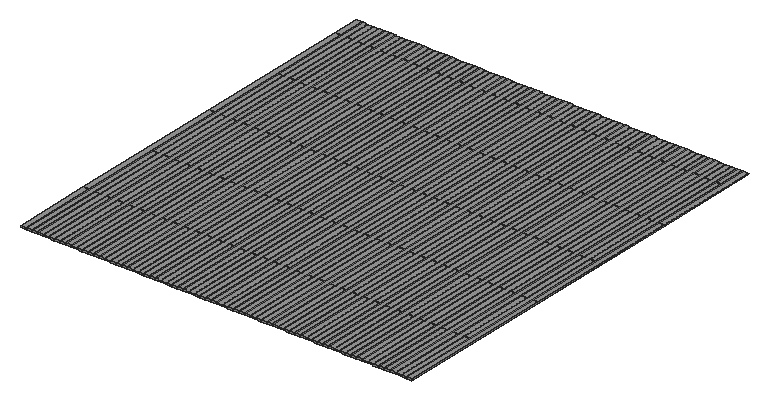
Revit family "3718-2, Veneer", category Generic Models, host Ceiling, Revit 2020
Family settings
  Host = Ceiling
  Can host rebar = No
  Round Connector Dimension = Use Diameter
  Part Type = Normal
  Always vertical = Yes
  Cut with Voids When Loaded = No
  Shared = No
  Room Calculation Point = No
Parameters
  OC SPACING [instance] = .. MEMBER WIDTH - 0' 0 55/128" - 0' 0 3/256"  # 0' - 2 143/256"
  PROJECT WIDTH [instance] = 15' - 0"
  PROJECT LENGTH [instance] = 16' - 0"
  PANELS COUNT 2 [instance] = rounddown((PROJECT LENGTH - .. MEMBER LENGTH 3) / .. MEMBER LENGTH 2)  # 2
  PANELS COUNT [instance] = rounddown(PROJECT LENGTH / .. MEMBER LENGTH 2)  # 2
  MEMBER WIDTH COUNT 2 [instance] = (PROJECT WIDTH / OC SPACING) / 2  # 35
  .. MEMBER WIDTH COUNT [instance] = (PROJECT WIDTH / OC SPACING) / 2  # 35
  .. MEMBER MATERIAL [instance] = Veneer Cherry
  .. MEMBER LENGTH 4 [instance] = ((PROJECT LENGTH - .. MEMBER LENGTH 3) - (PANELS COUNT 2 * .. MEMBER LENGTH 2))  # 1' - 0"
  .. MEMBER LENGTH 3 [instance] = .. MEMBER LENGTH 2 / 2  # 3' - 0"
  Default Elevation = 0' - 0"
  .. MEMBER WIDTH [instance] = 0' - 3"  # constant formula
  .. MEMBER LENGTH 2 [instance] = 6' - 0"
  .. MEMBER LENGTH [instance] = PROJECT LENGTH - (PANELS COUNT * .. MEMBER LENGTH 2)  # 4' - 0"
  .. MEMBER DEPTH [instance] = 0' - 0 3/4"  # constant formula
Reference planes (in)
  plane 1 "Center (Front/Back)": y = 0
  plane 2 "Ceiling": z = 96
  plane 3 "Center (Left/Right)": x = 0
  plane 4: y = 72
  plane 5: y = 144
  plane 6: y = 108
  plane 7: y = 36
  plane 8: y = 192
  plane 9: y = 144
  plane 10: y = 180
  plane 11: x = 180
  plane 12: x = 2.55859
Dimensions and locks (in)
  equal spacing: host sketch curve, plane 3 "Center (Left/Right)", host sketch curve
  equal spacing: host sketch curve, plane 1 "Center (Front/Back)", host sketch curve
  host sketch curve to host sketch curve = 10' - 0"  (x2)
  group 1 to group 2 = 0' - 0"  (x2)
  group 1 to group 2 = 6' - 0"
  ".. MEMBER LENGTH 2": plane 5 to plane 4
  ".. MEMBER LENGTH 2": plane 6 to plane 7
  "PROJECT LENGTH": plane 1 "Center (Front/Back)" to plane 8
  group 3 to group 4 = 0' - 0"  (x2)
  group 3 to group 4 = 6' - 0"
  ".. MEMBER LENGTH 3": plane 1 "Center (Front/Back)" to plane 7
  ".. MEMBER LENGTH 2": plane 1 "Center (Front/Back)" to plane 4
  ".. MEMBER LENGTH": plane 8 to plane 9
  ".. MEMBER LENGTH 4": plane 8 to plane 10
  "PROJECT WIDTH": plane 3 "Center (Left/Right)" to plane 11
  "OC SPACING": plane 3 "Center (Left/Right)" to plane 12
  aligned and locked: plane 1 "Center (Front/Back)" to nested 1
  aligned and locked: nested 2 to plane 4
  aligned and locked: nested 4 to plane 4
  aligned and locked: plane 7 to nested 3
  aligned and locked: nested 3 to plane 6
  aligned and locked: nested 6 to plane 6
  aligned and locked: nested 5 to plane 9
  aligned and locked: nested 7 to plane 10
  aligned and locked: plane 12 to nested 2
  aligned and locked: plane 12 to nested 4
  aligned and locked: plane 12 to nested 5
Nested families (in)
  nested 1: "3718-2 Staggereed" at (0, 0, 85.44644), .. MEMBER DEPTH <- ".. MEMBER DEPTH", .. MEMBER WIDTH <- ".. MEMBER WIDTH", MEMBER LENGTH <- ".. MEMBER LENGTH 3", REVEAL <- "OC SPACING", MEMBER 1 COUNT <- ".. MEMBER WIDTH COUNT", .. MEMBER MATERIAL <- ".. MEMBER MATERIAL", type "3718-2 Staggereed"
    with REVEAL X2 0' - 5 15/128", REVEAL 0' - 2 143/256", MEMBER LENGTH 2 1' - 6", MEMBER LENGTH 3' - 0", MEMBER COUNT 2 5, MEMBER 1 COUNT 35, INDENT 0' - 0 5/8", .. MEMBER WIDTH 0' - 3", .. MEMBER MATERIAL Veneer Cherry, .. MEMBER DEPTH 0' - 0 3/4"
  nested 2: "3718-2 Staggereed" at (2.55859, 0, 85.44644), .. MEMBER DEPTH <- ".. MEMBER DEPTH", .. MEMBER WIDTH <- ".. MEMBER WIDTH", MEMBER LENGTH <- ".. MEMBER LENGTH 2", MEMBER 1 COUNT <- "MEMBER WIDTH COUNT 2", REVEAL <- "OC SPACING", .. MEMBER MATERIAL <- ".. MEMBER MATERIAL", type "3718-2 Staggereed"
    with REVEAL X2 0' - 5 15/128", REVEAL 0' - 2 143/256", MEMBER LENGTH 2 3' - 0", MEMBER LENGTH 6' - 0", MEMBER COUNT 2 5, MEMBER 1 COUNT 35, INDENT 0' - 0 5/8", .. MEMBER WIDTH 0' - 3", .. MEMBER MATERIAL Veneer Cherry, .. MEMBER DEPTH 0' - 0 3/4"
  nested 3: "3718-2 Staggereed" at (0, 36, 85.44644), .. MEMBER DEPTH <- ".. MEMBER DEPTH", .. MEMBER WIDTH <- ".. MEMBER WIDTH", MEMBER LENGTH <- ".. MEMBER LENGTH 2", MEMBER 1 COUNT <- ".. MEMBER WIDTH COUNT", REVEAL <- "OC SPACING", .. MEMBER MATERIAL <- ".. MEMBER MATERIAL", type "3718-2 Staggereed"
    with REVEAL X2 0' - 5 15/128", REVEAL 0' - 2 143/256", MEMBER LENGTH 2 3' - 0", MEMBER LENGTH 6' - 0", MEMBER COUNT 2 5, MEMBER 1 COUNT 35, INDENT 0' - 0 5/8", .. MEMBER WIDTH 0' - 3", .. MEMBER MATERIAL Veneer Cherry, .. MEMBER DEPTH 0' - 0 3/4"
  nested 4: "3718-2 Staggereed" at (2.55859, 72, 85.44644), .. MEMBER DEPTH <- ".. MEMBER DEPTH", .. MEMBER WIDTH <- ".. MEMBER WIDTH", MEMBER LENGTH <- ".. MEMBER LENGTH 2", MEMBER 1 COUNT <- "MEMBER WIDTH COUNT 2", REVEAL <- "OC SPACING", .. MEMBER MATERIAL <- ".. MEMBER MATERIAL", type "3718-2 Staggereed"
    with REVEAL X2 0' - 5 15/128", REVEAL 0' - 2 143/256", MEMBER LENGTH 2 3' - 0", MEMBER LENGTH 6' - 0", MEMBER COUNT 2 5, MEMBER 1 COUNT 35, INDENT 0' - 0 5/8", .. MEMBER WIDTH 0' - 3", .. MEMBER MATERIAL Veneer Cherry, .. MEMBER DEPTH 0' - 0 3/4"
  nested 5: "3718-2 Staggereed" at (2.55859, 144, 85.44644), .. MEMBER DEPTH <- ".. MEMBER DEPTH", .. MEMBER WIDTH <- ".. MEMBER WIDTH", MEMBER LENGTH <- ".. MEMBER LENGTH", REVEAL <- "OC SPACING", MEMBER 1 COUNT <- "MEMBER WIDTH COUNT 2", .. MEMBER MATERIAL <- ".. MEMBER MATERIAL", type "3718-2 Staggereed"
    with REVEAL X2 0' - 5 15/128", REVEAL 0' - 2 143/256", MEMBER LENGTH 2 2' - 0", MEMBER LENGTH 4' - 0", MEMBER COUNT 2 5, MEMBER 1 COUNT 35, INDENT 0' - 0 5/8", .. MEMBER WIDTH 0' - 3", .. MEMBER MATERIAL Veneer Cherry, .. MEMBER DEPTH 0' - 0 3/4"
  nested 6: "3718-2 Staggereed" at (0, 108, 85.44644), .. MEMBER DEPTH <- ".. MEMBER DEPTH", .. MEMBER WIDTH <- ".. MEMBER WIDTH", MEMBER LENGTH <- ".. MEMBER LENGTH 2", MEMBER 1 COUNT <- ".. MEMBER WIDTH COUNT", REVEAL <- "OC SPACING", .. MEMBER MATERIAL <- ".. MEMBER MATERIAL", type "3718-2 Staggereed"
    with REVEAL X2 0' - 5 15/128", REVEAL 0' - 2 143/256", MEMBER LENGTH 2 3' - 0", MEMBER LENGTH 6' - 0", MEMBER COUNT 2 5, MEMBER 1 COUNT 35, INDENT 0' - 0 5/8", .. MEMBER WIDTH 0' - 3", .. MEMBER MATERIAL Veneer Cherry, .. MEMBER DEPTH 0' - 0 3/4"
  nested 7: "3718-2 Staggereed" at (0, 180, 85.44644), .. MEMBER DEPTH <- ".. MEMBER DEPTH", .. MEMBER WIDTH <- ".. MEMBER WIDTH", MEMBER LENGTH <- ".. MEMBER LENGTH 4", REVEAL <- "OC SPACING", MEMBER 1 COUNT <- ".. MEMBER WIDTH COUNT", .. MEMBER MATERIAL <- ".. MEMBER MATERIAL", type "3718-2 Staggereed"
    with REVEAL X2 0' - 5 15/128", REVEAL 0' - 2 143/256", MEMBER LENGTH 2 0' - 6", MEMBER LENGTH 1' - 0", MEMBER COUNT 2 5, MEMBER 1 COUNT 35, INDENT 0' - 0 5/8", .. MEMBER WIDTH 0' - 3", .. MEMBER MATERIAL Veneer Cherry, .. MEMBER DEPTH 0' - 0 3/4"
Definition of nested family "3718-2 Staggereed"
  Parameters (values of type "3718-2 Staggereed")
    REVEAL X2 [instance] = REVEAL * 2  # 1' - 3 127/128"
    REVEAL [instance] = 0' - 7 255/256"
    MEMBER LENGTH 2 [instance] = MEMBER LENGTH / 2  # 3' - 0"
    MEMBER LENGTH [instance] = 6' - 0"
    MEMBER COUNT 2 [instance] = 5
    MEMBER 1 COUNT [instance] = 5
    INDENT [instance] = 0' - 0 5/8"
    Default Elevation = 0' - 0"
    .. MEMBER WIDTH [instance] = 0' - 7 63/256"
    .. MEMBER MATERIAL [instance] = none
    .. MEMBER DEPTH [instance] = 0' - 0 3/4"
  Reference planes (in)
    plane 1 "Center (Front/Back)": y = 0
    plane 2: z = 0
    plane 3 "Center (Left/Right)": x = 0
    plane 4: x = 15.99219
    plane 5: x = 7.99609
    plane 6: x = 23.98828
  Dimensions and locks (in)
    "REVEAL X2": plane 3 "Center (Left/Right)" to plane 4
    "REVEAL": plane 3 "Center (Left/Right)" to plane 5
    "REVEAL X2": plane 5 to plane 6
    equal spacing: group 1, group 2, group 3, group 4, group 5  (x3)
    nested 1 to plane 5 = 0' - 0 3/4"
    aligned and locked: plane 2 to level
    aligned and locked: plane 1 "Center (Front/Back)" to nested 1
    aligned and locked: plane 3 "Center (Left/Right)" to nested 1
    aligned and locked: plane 4 to nested 2
  Nested families (in)
    nested 1: "3718-2 Isolated Member" at (-0.25432, 0, 0), MEMBER LENGTH <- "MEMBER LENGTH", MEMBER MATERIAL <- ".. MEMBER MATERIAL", MEMBER WIDTH <- ".. MEMBER WIDTH", MEMBER DEPTH <- ".. MEMBER DEPTH", INDENT <- "INDENT", type "3718-2 Isolated Member"
      with MEMBER WIDTH 0' - 7 63/256", MEMBER MATERIAL none, MEMBER LENGTH 6' - 0", MEMBER DEPTH 0' - 0 3/4", INDENT 0' - 0 5/8", EXTRUSION -6' - 0"
    nested 2: "3718-2 Isolated Member" at (15.73787, 0, 0), MEMBER LENGTH <- "MEMBER LENGTH", MEMBER MATERIAL <- ".. MEMBER MATERIAL", MEMBER WIDTH <- ".. MEMBER WIDTH", MEMBER DEPTH <- ".. MEMBER DEPTH", INDENT <- "INDENT", type "3718-2 Isolated Member"
      with MEMBER WIDTH 0' - 7 63/256", MEMBER MATERIAL none, MEMBER LENGTH 6' - 0", MEMBER DEPTH 0' - 0 3/4", INDENT 0' - 0 5/8", EXTRUSION -6' - 0"
    nested 3: "3718-2 Isolated Member" at (31.73006, 0, 0), MEMBER LENGTH <- "MEMBER LENGTH", MEMBER MATERIAL <- ".. MEMBER MATERIAL", MEMBER WIDTH <- ".. MEMBER WIDTH", MEMBER DEPTH <- ".. MEMBER DEPTH", INDENT <- "INDENT", type "3718-2 Isolated Member"
      with MEMBER WIDTH 0' - 7 63/256", MEMBER MATERIAL none, MEMBER LENGTH 6' - 0", MEMBER DEPTH 0' - 0 3/4", INDENT 0' - 0 5/8", EXTRUSION -6' - 0"
    nested 4: "3718-2 Isolated Member" at (47.72224, 0, 0), MEMBER LENGTH <- "MEMBER LENGTH", MEMBER MATERIAL <- ".. MEMBER MATERIAL", MEMBER WIDTH <- ".. MEMBER WIDTH", MEMBER DEPTH <- ".. MEMBER DEPTH", INDENT <- "INDENT", type "3718-2 Isolated Member"
      with MEMBER WIDTH 0' - 7 63/256", MEMBER MATERIAL none, MEMBER LENGTH 6' - 0", MEMBER DEPTH 0' - 0 3/4", INDENT 0' - 0 5/8", EXTRUSION -6' - 0"
    nested 5: "3718-2 Isolated Member" at (63.71443, 0, 0), MEMBER LENGTH <- "MEMBER LENGTH", MEMBER MATERIAL <- ".. MEMBER MATERIAL", MEMBER WIDTH <- ".. MEMBER WIDTH", MEMBER DEPTH <- ".. MEMBER DEPTH", INDENT <- "INDENT", type "3718-2 Isolated Member"
      with MEMBER WIDTH 0' - 7 63/256", MEMBER MATERIAL none, MEMBER LENGTH 6' - 0", MEMBER DEPTH 0' - 0 3/4", INDENT 0' - 0 5/8", EXTRUSION -6' - 0"
  Definition of nested family "3718-2 Isolated Member"
    Parameters (values of type "3718-2 Isolated Member")
      MEMBER WIDTH [instance] = 0' - 7 63/256"
      MEMBER MATERIAL [instance] = none
      MEMBER LENGTH [instance] = 2' - 6"
      MEMBER DEPTH [instance] = 0' - 0 3/4"
      Index 4 = 0' - 0 31/128"
      Index 3 = 0' - 0 13/64"
      Index 2 = 0' - 0.218"
      Index 1 = 0' - 0 1/4"
      INDENT [instance] = 0' - 0 5/8"
      EXTRUSION [instance] = -1 * MEMBER LENGTH  # -2' - 6"
      Default Elevation = 0' - 0"
    Reference planes (in)
      plane 1 "Center (Front/Back)": y = 0
      plane 2: z = 10.55356
      plane 3 "Center (Left/Right)": x = 0
      plane 4: y = 30
      plane 5: z = 10.55356
      plane 6: x = 0.25432
      plane 7: x = 7.50041
      plane 8: z = 9.80356
      plane 9: x = 7.25822
      plane 10: x = 0.50432
      plane 11: x = 0.72232
      plane 12: x = 7.0551
    Forms (in)
      Extrusion 1, void, not visible
        sketch origin (-0.375, 0, 0) x (1, 0, 0) y (0, 0, 1)
          loop
            line (4.125, 11.30356) -> (4.125, 11.17856) -> (4.0625, 11.11606) -> (3.75, 11.11606) -> (3.75, 10.92856) -> (4.25, 10.92856) -> (4.65478, 10.92856) -> (4.65478, 11.30356) -> (4.25, 11.30356) -> (4.125, 11.30356)
        from 0 to 30
      Extrusion 2, void, not visible
        sketch origin (4.5, 0, 0) x (-1, 0, 0) y (0, 0, 1)
          loop
            line (4.5, 11.30356) -> (4.25, 11.30356) -> (4.25, 11.17856) -> (4.1875, 11.11606) -> (3.875, 11.11606) -> (3.875, 10.92856) -> (4.78125, 10.92856) -> (4.78125, 11.30356) -> (4.5, 11.30356)
        from 0 to 30
      Extrusion 3, void, not visible
        sketch origin (0, 0, 0) x (1, 0, 0) y (0, 0, 1)
          loop
            line (2.53125, 10.55356) -> (2, 10.55356) -> (2, 10.42856) -> (1.9375, 10.36606) -> (1.625, 10.36606) -> (1.625, 10.17856) -> (2.53125, 10.17856) -> (2.53125, 10.55356)
        from 0 to 12
      Extrusion 4, solid, material <- "MEMBER MATERIAL"
        sketch origin (-5.34896, 0, 0) x (1, 0, 0) y (0, 0, 1)
          loop
            line (6.07128, 10.55356) -> (6.07128, 10.32556) -> (5.62351, 10.32556)
            arc (5.62351, 10.32556) -> (5.60842, 10.28741) -> (5.60328, 10.24671) r 0.16375
            line (5.60328, 10.24671) -> (5.60328, 10.21053)
            arc (5.60328, 10.21053) -> (5.60842, 10.16983) -> (5.62351, 10.13168) r 0.16375
            line (5.62351, 10.13168) -> (5.85328, 10.13168) -> (5.85328, 9.80356) -> (12.60719, 9.80356) -> (12.60719, 10.13168) -> (12.40406, 10.13168) -> (12.40406, 10.36606) -> (12.84937, 10.36606) -> (12.84937, 10.55356) -> (6.07128, 10.55356)
        from 0 to -30
      Extrusion 5, void, not visible
        sketch origin (0, 0, 0) x (1, 0, 0) y (0, 0, 1)
          loop
            line (8.60291, 10.17856) -> (8.60291, 9.99106) -> (8.54041, 9.92856) -> (9.17917, 9.92856) -> (9.17917, 10.55356) -> (8.56291, 10.55356) -> (8.56291, 10.38856) -> (8.80041, 10.38856)
            arc (8.80041, 10.38856) -> (8.8446, 10.37025) -> (8.86291, 10.32606) r 0.0625
            line (8.86291, 10.32606) -> (8.86291, 10.24106)
            arc (8.86291, 10.24106) -> (8.8446, 10.19686) -> (8.80041, 10.17856) r 0.0625
            line (8.80041, 10.17856) -> (8.60291, 10.17856)
        from 0 to -30
      Extrusion 6, void, not visible
        sketch origin (-0.54718, 0, 0) x (1, 0, 0) y (0, 0, 1)
          loop
            line (8.60291, 10.17856) -> (8.60291, 9.99106) -> (8.60291, 9.52296) -> (9.17917, 9.52296) -> (9.17917, 9.92856) -> (9.17917, 10.55356) -> (8.56291, 10.55356) -> (8.56291, 10.38856) -> (8.80041, 10.38856)
            arc (8.80041, 10.38856) -> (8.8446, 10.37025) -> (8.86291, 10.32606) r 0.0625
            line (8.86291, 10.32606) -> (8.86291, 10.24106)
            arc (8.86291, 10.24106) -> (8.8446, 10.19686) -> (8.80041, 10.17856) r 0.0625
            line (8.80041, 10.17856) -> (8.60291, 10.17856)
        from 0 to -30 <- "EXTRUSION"
      Extrusion 7, void, not visible
        sketch origin (-5.34896, -6, 0) x (1, 0, 0) y (0, 0, 1)
          loop
            line (5.92291, 10.42856) -> (5.60328, 10.42856) -> (5.60328, 10.55356) -> (5.34896, 10.55356) -> (5.34896, 9.92856) -> (5.34896, 9.52296) -> (5.60291, 9.52296) -> (5.60291, 9.99136) -> (5.60291, 10.17856) -> (5.92291, 10.17856) -> (5.92291, 10.42856)
        from 0 to -30 <- "EXTRUSION"
    Lines and regions (in)
      model lines, not visible
        curve 1: line (9.45582, 0, 10.55356) -> (14.70582, 0, 10.55356)
        curve 2: line (14.70582, 0, 10.55356) -> (14.70582, 0, 10.92856)
        curve 3: line (14.70582, 0, 10.92856) -> (14.20582, 0, 10.92856)
        curve 4: line (14.20582, 0, 10.92856) -> (14.20582, 0, 11.11606)
        curve 5: line (14.20582, 0, 11.11606) -> (14.51832, 0, 11.11606)
        curve 6: line (14.58082, 0, 11.30356) -> (14.58082, 0, 11.17856)
        curve 7: line (14.58082, 0, 11.17856) -> (14.51832, 0, 11.11606)
        curve 8: line (14.58082, 0, 11.30356) -> (9.58082, 0, 11.30356)
        curve 9: line (9.45582, 0, 10.55356) -> (9.45582, 0, 10.92856)
        curve 10: line (9.45582, 0, 10.92856) -> (9.95582, 0, 10.92856)
        curve 11: line (9.95582, 0, 10.92856) -> (9.95582, 0, 11.11606)
        curve 12: line (9.95582, 0, 11.11606) -> (9.64332, 0, 11.11606)
        curve 13: line (9.58082, 0, 11.30356) -> (9.58082, 0, 11.17856)
        curve 14: line (9.58082, 0, 11.17856) -> (9.64332, 0, 11.11606)
        curve 15: line (5.25, 0, 10.55356) -> (5.25, 0, 10.92856)
        curve 16: line (5.25, 0, 10.92856) -> (4.75, 0, 10.92856)
        curve 17: line (4.75, 0, 10.92856) -> (4.75, 0, 11.11606)
        curve 18: line (4.75, 0, 11.11606) -> (5.0625, 0, 11.11606)
        curve 19: line (5.125, 0, 11.30356) -> (5.125, 0, 11.17856)
        curve 20: line (5.125, 0, 11.17856) -> (5.0625, 0, 11.11606)
    Dimensions and locks (in)
      "MEMBER LENGTH": plane 1 "Center (Front/Back)" to plane 4
      "MEMBER WIDTH": plane 7 to plane 6
      level to plane 8 = 0' - 0 3/4"
      "Index 2": plane 11 to plane 10
      "Index 1": plane 10 to plane 6
      "Index 4": plane 7 to plane 9
      "Index 3": plane 12 to plane 9
      aligned and locked: level to plane 2
      aligned and locked: plane 4 to Extrusion 4
      aligned and locked: plane 7 to Extrusion 4  (x2)
      aligned and locked: plane 8 to Extrusion 4
      aligned and locked: Extrusion 4 to plane 8
      aligned and locked: Extrusion 4 to plane 5
      aligned and locked: Extrusion 4 to plane 6
      aligned and locked: plane 9 to Extrusion 4
      aligned and locked: Extrusion 4 to plane 10
      aligned and locked: Extrusion 4 to plane 11
      aligned and locked: Extrusion 4 to plane 12
    Automatic sketch dimensions
      Extrusion 1 sketch curve to Extrusion 1 sketch curve = 0' - 0 1/16"  (x2)
      Extrusion 1 sketch curve to Extrusion 1 sketch curve = 0' - 0.40478"
      Extrusion 1 sketch curve to Extrusion 1 sketch curve = 0' - 0 3/16"  (x2)
      Extrusion 1 sketch curve to Extrusion 1 sketch curve = 0' - 0 1/8"  (x2)
      Extrusion 1 sketch curve to Extrusion 1 sketch curve = 0' - 0 5/16"
      Extrusion 2 sketch curve to Extrusion 2 sketch curve = 0' - 0 3/16"  (x2)
      Extrusion 2 sketch curve to Extrusion 2 sketch curve = 0' - 0 1/16"  (x2)
      Extrusion 2 sketch curve to Extrusion 2 sketch curve = 0' - 0 9/32"
      Extrusion 2 sketch curve to Extrusion 2 sketch curve = 0' - 0 1/4"
      Extrusion 2 sketch curve to Extrusion 2 sketch curve = 0' - 0 5/16"
      Extrusion 3 sketch curve to Extrusion 3 sketch curve = 0' - 0 5/16"
      Extrusion 3 sketch curve to Extrusion 3 sketch curve = 0' - 0 1/16"  (x2)
      Extrusion 3 sketch curve to Extrusion 3 sketch curve = 0' - 0 3/16"
      Extrusion 3 sketch curve to Extrusion 3 sketch curve = 0' - 0 17/32"
      Extrusion 3 sketch curve to Extrusion 3 sketch curve = 0' - 0 3/8"
      Extrusion 5 sketch curve to Extrusion 5 sketch curve = 0' - 0 1/16"  (x4)
      Extrusion 5 sketch curve to Extrusion 5 sketch curve = 0' - 0.1975"
      Extrusion 5 sketch curve to Extrusion 5 sketch curve = 0' - 0.2375"
      Extrusion 5 sketch curve to Extrusion 5 sketch curve = 0' - 0.085"
      Extrusion 5 sketch curve to Extrusion 5 sketch curve = 0' - 0 3/16"
      Extrusion 5 sketch curve to Extrusion 5 sketch curve = 0' - 0.31626"
      Extrusion 5 sketch curve to Extrusion 5 sketch curve = 0' - 0.2275"
      Extrusion 6 sketch curve to Extrusion 6 sketch curve = 0' - 0.04"
      Extrusion 6 sketch curve to Extrusion 6 sketch curve = 0' - 0.2375"
      Extrusion 6 sketch curve to Extrusion 6 sketch curve = 0' - 0"
      Extrusion 6 sketch curve to Extrusion 6 sketch curve = 0' - 0 1/16"
      Extrusion 6 sketch curve to Extrusion 6 sketch curve = 0' - 0.31626"
      Extrusion 6 sketch curve to Extrusion 6 sketch curve = 0' - 0.4681"
      Extrusion 6 sketch curve to Extrusion 6 sketch curve = 0' - 0 3/16"
      Extrusion 6 sketch curve to Extrusion 6 sketch curve = 0' - 0.085"
      Extrusion 6 sketch curve to Extrusion 6 sketch curve = 0' - 0.2275"
      Extrusion 6 sketch curve to Extrusion 6 sketch curve = 0' - 0.4056"
      Extrusion 7 sketch curve to Extrusion 7 sketch curve = 0' - 0.25395"
      Extrusion 7 sketch curve to Extrusion 7 sketch curve = 0' - 0.25432"
      Extrusion 7 sketch curve to Extrusion 7 sketch curve = 0' - 0.32"
      Extrusion 7 sketch curve to Extrusion 7 sketch curve = 0' - 0.4056"
      Extrusion 7 sketch curve to Extrusion 7 sketch curve = 0' - 0.06281"
      Extrusion 7 sketch curve to Extrusion 7 sketch curve = 0' - 0.18719"
      Extrusion 7 sketch curve to Extrusion 7 sketch curve = 0' - 0 1/4"
      Extrusion 7 sketch curve to Extrusion 7 sketch curve = 0' - 0 1/8"
      Extrusion 4 sketch curve to plane 6 = 0' - 0"
      Extrusion 4 sketch curve to plane 10 = 0' - 0"
      Extrusion 4 sketch curve to plane 11 = 0' - 0"
      plane 12 to Extrusion 4 sketch curve = 0' - 0"
      Extrusion 4 sketch curve to plane 9 = 0' - 0"
      Extrusion 4 sketch curve to plane 7 = 0' - 0"
      Extrusion 4 sketch curve to plane 8 = 0' - 0"
      Extrusion 4 sketch curve to level = 0' - 0"
      plane 6 to Extrusion 4 sketch curve = 0' - 0.02023"  (x2)
      Extrusion 4 sketch curve to plane 10 = 0' - 0.08625"
      Extrusion 4 sketch curve to Extrusion 4 sketch curve = 0' - 0"
      Extrusion 4 sketch curve to Extrusion 4 sketch curve = 0' - 0 21/64"
      plane 8 to Extrusion 4 sketch curve = 0' - 0 21/64"
      Extrusion 4 sketch curve to Extrusion 4 sketch curve = 0' - 0.03618"
      Extrusion 4 sketch curve to Extrusion 4 sketch curve = 0' - 0 3/16"
